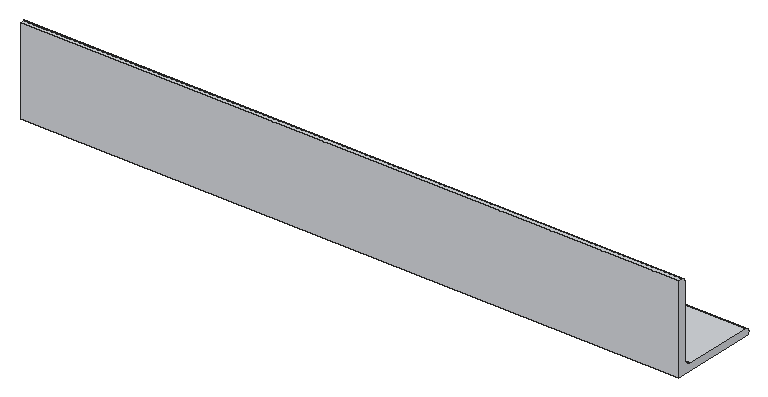
Revit family "StructuralFraming_Angle", category Structural Framing, Revit 2018
Family settings
  Structural Framing Length Roundoff = 1 mm
  Section Shape = L-angle
  Material for Model Behavior = Steel
  Always export as geometry = No
  Always vertical = Yes
  Cut with Voids When Loaded = No
  Symbolic Representation = From Project Settings
  Shared = No
  Show family pre-cut in plan views = Yes
Parameters
  Width = 160 mm
  Web Thickness = 12 mm
  Web Fillet = 16 mm
  Warping Constant = (empty or 0)
  Torsional Moment of Inertia = 0 cm⁴
  Torsional Modulus = 0 cm³
  Top Web Fillet = 4.592 mm
  Structural Material [instance] = none
  Shear Area weak axis = 0.0 cm²
  Shear Area strong axis = 0.0 cm²
  Section Area = 0.0 cm²
  Principal Axes Angle = 0.00°
  Plastic Modulus weak axis = 0 cm³
  Plastic Modulus strong axis = 0 cm³
  Perimeter = (empty or 0)
  Nominal Weight = 0 N/m
  Moment of Inertia weak axis = 0 cm⁴
  Moment of Inertia strong axis = 0 cm⁴
  Length [instance] = 1500 mm
  Height = 160 mm
  Flange Thickness = 12 mm
  Flange Fillet = 5 mm
  Elastic Modulus weak axis = 0 cm³
  Elastic Modulus strong axis = 0 cm³
  Centroid Vertical = 40 mm
  Centroid Horizontal = 40 mm
  Bolt Spacing Shorter Flange = 0 mm
  Bolt Spacing 2 Longer Flange = 0 mm
  Bolt Spacing 1 Longer Flange = 0 mm
  built-in parameter 1005547 = (empty or 0)
  built-in parameter 1005546 = (empty or 0)
Types (2, lengths in mm): name | Width | Web Thickness | Web Fillet | Top Web Fillet | Height | Flange Thickness | Flange Fillet | Centroid Vertical | Centroid Horizontal
  (no name) | 160 | 12 | 16 | 4.592 | 160 | 12 | 5 | 40 | 40
  CAE150x12 | 0 | 0 | 0 | 0 | 0 | 0 | 0 | 0 | 0
Reference planes
  plane 1 "Center (Front/Back)": y = 0
  plane 2: z = 0
  plane 3 "Center (Left/Right)": x = 4.61
  plane 4 "Member Left": x = -604.99
  plane 5 "Member Right": x = 614.21
  plane 6 "Left": x = -757.39
  plane 7 "Right": x = 742.61
Forms (mm)
  Sweep 1, solid, material <- "Structural Material", detail levels medium
    path origin (0, 0, 0) x (1, 0, 0) y (0, 1, 0)
      loop
        line (614.21, 0) -> (-604.99, 0)
    profile "M_L-Angle-Profile-Medium : M_L-Angle-Profile-Medium" origin (4.61, 0, 0) x (0, -1, 0) y (0, 0, 1)
      loop
        line (-120, -40) -> (40, -40) -> (40, 120) -> (28, 120) -> (28, -28) -> (-120, -28) -> (-120, -40)
  Sweep 2, solid, material <- "Structural Material", detail levels fine
    path origin (0, 0, 0) x (1, 0, 0) y (0, 1, 0)
      loop
        line (614.21, 0) -> (-604.99, 0)
    profile "M_L-Angle-Profile-Fine : M_L-Angle-Profile-Fine" origin (4.61, 0, 0) x (0, -1, 0) y (0, 0, 1)
      loop
        line (-120, -40) -> (40, -40) -> (40, 120) -> (32.592, 120)
        arc (32.592, 120) -> (29.345, 118.655) -> (28, 115.408) r 4.592
        line (28, 115.408) -> (28, -12)
        arc (28, -12) -> (23.314, -23.314) -> (12, -28) r 16
        line (12, -28) -> (-115, -28)
        arc (-115, -28) -> (-118.536, -29.464) -> (-120, -33) r 5
        line (-120, -33) -> (-120, -40)
Lines and regions (mm)
  symbolic lines, style "Hidden Faces", detail levels medium+fine
    curve 1: line (-604.99, 0, 28.2) -> (614.21, 0, 28.2)
    curve 2: line (-604.99, 29.2, 0) -> (614.21, 29.2, 0)
  symbolic lines, style "Stick Symbols", detail levels coarse
    curve 3: line (4.61, -40, -40) -> (4.61, -40, 120)
    curve 4: line (4.61, 120, -40) -> (4.61, -40, -40)
Dimensions and locks
  "Length": plane 6 "Left" to plane 7 "Right"
  "Centroid Horizontal": curve 3 to plane 1 "Center (Front/Back)"
  "Width": curve 3 to curve 4
  "Centroid Vertical": plane 2 to curve 4
  "Height": curve 3 to curve 4
  aligned and locked: Sweep 1 sketch curve to plane 1 "Center (Front/Back)"
  aligned and locked: Sweep 2 sketch curve to plane 1 "Center (Front/Back)"
  aligned and locked: plane 4 "Member Left" to Sweep 1 sketch curve
  aligned and locked: plane 5 "Member Right" to Sweep 1 sketch curve
  aligned and locked: plane 4 "Member Left" to Sweep 2 sketch curve
  aligned and locked: plane 5 "Member Right" to Sweep 2 sketch curve
  aligned and locked: plane 4 "Member Left" to curve 1
  aligned and locked: plane 5 "Member Right" to curve 1
  aligned and locked: plane 4 "Member Left" to curve 2
  aligned and locked: plane 5 "Member Right" to curve 2
Automatic sketch dimensions
  level to curve 1 = 28.2 mm
  curve 2 to plane 1 "Center (Front/Back)" = 29.2 mm
